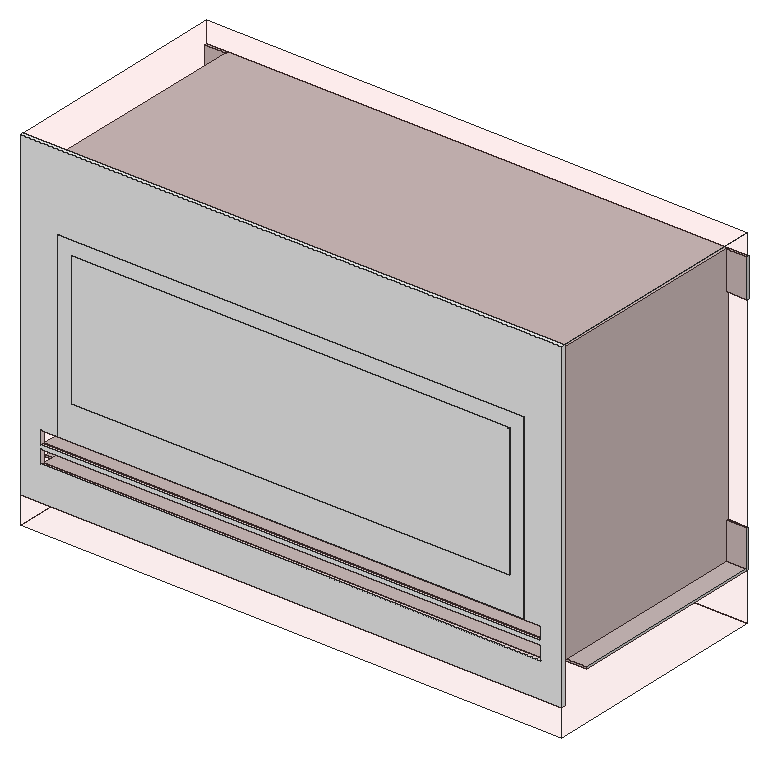
Revit family "Air-Curtain_Customer-Entry_PoweredAire_CLD-CHD", category Mechanical Equipment, host Face, Revit 2020
Family settings
  Host = Face
  Round Connector Dimension = Use Diameter
  Part Type = Normal
  OmniClass Number = 23.75.35.17.21
  OmniClass Title = Air Curtains
  Cut with Voids When Loaded = No
  Shared = No
  Room Calculation Point = No
Parameters
  Warranty Duration (Years) = 0
  Unit Width Notes = "Other Widths available."  # constant formula
  Unit Width = 3' - 3"
  Unit Weight = 0
  Unit Height = 1' - 4 3/4"
  Unit Depth = 1' - 11 1/4"
  URL = "http://www.poweredaire.com/"
  Test Data = ""
  Temperature Rise_Range = "as Specified"
  Standards Conformance = "as Specified"
  Specification = "http://www.arcat.com/sdspecs/htm04/23_34_33pai.htm"
  SpecWizard = ""
  Sound Pressure = "as Specified"
  Sales Information = "http://www.poweredaire.com/contact_us"
  Revision = "R1_2016-08"
  Projection from Host [instance] = 0' - 2"
  Product Properties = ""
  Product Data = "http://www.arcat.com/arcatcos/cos47/arc47623.html"
  Power Rating = 0 W
  Outlet Volume_Range = "as Specified"
  Outlet Velocity_Range = "as Specified"
  Nozzle Width = if(1 = 1, Unit Width - 0' 3", 0' 0")  # 3' - 0"
  Mounting Width = if(1 = 1, Unit Width - 0' 1 1/2", 0' 0")  # 3' - 1 1/2"
  Mounting Height [instance] = 3' - 6"
  Motor RPM = 0
  Motor HP = 0
  Motor Count = 0
  Model = "As Specified"
  Max Height = 0' - 0"
  Manufacturer Website = "http://www.poweredaire.com/"
  Manufacturer Phone - Toll Free = "888-321-2473"
  Manufacturer Phone = "724-588-3305"
  Manufacturer Fax = "724-588-3371"
  Manufacturer Address = "109 Mortensen Rd.  Greenville, PA 16125"
  Manufacturer = "Powered Aire, Inc"
  Maintenance Schedule (Months) = 0
  Keynote = "23 34 33"
  Installation-Fabrication = ""
  Installation Phase = ""
  Include Clearance [instance] = yes
  Heating Element Load = 0 W
  HVAC_Temperature Rise [instance] = 0 °F
  HVAC_Outlet Volume [instance] = 0 CFM
  HVAC_Outlet Velocity Uniformity = 0
  HVAC_Outlet Velocity [instance] = 0 FPM
  Green Building-LEED = "http://www.arcat.com/green/clients/leed_data_47623.html"
  Front Grating Material [instance] = Metal - Steel - PoweredAire - White Perforated
  Frame Finish [instance] = Metal - Steel - PoweredAire - Stainless 304
  Expected Lifespan (Years) = 0
  Electrical_Wattage [instance] = Power Rating + Heating Element Load  # 0 W
  Electrical_Voltage [instance] = 0 V
  Electrical_Phase [instance] = 1
  Electrical_Frequency [instance] = 0 Hz
  Electrical_Amperage [instance] = 0 A
  Drawn By = "Sumex Design, Inc. / Robert S. Weygant, CSI, CDT, SCIP"
  Description = "Powered Aire Air Curtain as Specified"
  Default Elevation = 0' - 0"  # constant formula
  Cover Finish [instance] = Metal - Steel - PoweredAire - White
  Copyright = "©Arcat Inc."
  Construction Details = "http://www.arcat.com/details/powair/prod3336.html"
  Clearance_Top [instance] = 0' - 0"
  Clearance_Side B [instance] = 0' - 0"
  Clearance_Side A [instance] = 0' - 0"
  Clearance_Intake [instance] = 0' - 0"
  Clearance_Front [instance] = 0' - 0"
  Clearance Material [instance] = ARCAT Clearance
  Building Codes = ""
  Available Options [instance] = "as Specified"
  Assembly Code = "D3090400"
Reference planes (in)
  plane 1 "Center (Elevation)": y = 8.51318
  plane 2: z = 0
  plane 3 "Center (Left/Right)": x = 0
  plane 4: y = 16.88818
  plane 5: y = 0.13818
  plane 6: x = -19.5
  plane 7: x = 19.5
  plane 8: z = 25.25
  plane 9 "FF": y = -41.86182
  plane 10: z = 2
  plane 11: x = 18
  plane 12: x = -18
  plane 13: y = 16.88818
  plane 14: y = 0.13818
  plane 15: x = -19.5
  plane 16: x = 19.5
  plane 17: z = 25.25
  plane 18: y = 0.38818
Forms (in)
  Extrusion 1, solid, material "ARCAT Clearance" <- "Clearance Material", visible <- "Include Clearance"
    sketch origin (0, 0, 0) x (0, 1, 0) y (0, 0, 1)
      loop
        line (0.13818, 25.25) -> (0.13818, 0) -> (16.88818, 0) -> (16.88818, 25.25) -> (0.13818, 25.25)
    from -19.5 to 19.5
  Extrusion 2, solid, material "Metal - Steel - PoweredAire - White" <- "Cover Finish"
    sketch origin (0, 8.51318, 0) x (1, 0, 0) y (0, 0, 1)
      loop
        line (-19.5, 25.25) -> (-19.5, 2) -> (19.5, 2) -> (19.5, 25.25) -> (-19.5, 25.25)
    from 8.125 to 8.375
  Extrusion 3, solid, material "Metal - Steel - PoweredAire - Stainless 304" <- "Frame Finish"
    sketch origin (0, 8.51318, 0) x (1, 0, 0) y (0, 0, 1)
      loop
        line (18, 23.75) -> (-18, 23.75) -> (-18, 3.5) -> (18, 3.5) -> (18, 23.75)
    from -8.375 to 8.125
  Extrusion 4, void
    sketch origin (0, 0, 0) x (0, 1, 0) y (0, 0, 1)
      loop
        line (0.13818, 5.5) -> (0.13818, 4.5) -> (1.88818, 4.5) -> (1.88818, 6.75) -> (0.13818, 6.75) -> (0.13818, 5.75) -> (1.63818, 5.75) -> (1.63818, 5.5) -> (0.13818, 5.5)
    from -18 to 18
  Extrusion 5, solid, material "Metal - Steel - PoweredAire - White" <- "Cover Finish"
    sketch origin (-11.83813, 0.13818, 48) x (-1, 0, 0) y (0, 0, 1)
      loop
        line (4.91187, -41.25) -> (4.91187, -28.25) -> (-28.58813, -28.25) -> (-28.58813, -41.25) -> (4.91187, -41.25)
    from 0 to -0.03125
  Extrusion 6, solid, material "Metal - Steel - PoweredAire - White Perforated" <- "Front Grating Material"
    sketch origin (-11.83813, 0.10693, 48) x (1, 0, 0) y (0, 0, 1)
      loop
        line (-3.91187, -29.25) -> (-3.91187, -38.75) -> (27.58813, -38.75) -> (27.58813, -29.25) -> (-3.91187, -29.25)
    from 0 to 0.03125
  Extrusion 7, solid, material "Metal - Steel - PoweredAire - Stainless 304" <- "Frame Finish"
    sketch origin (-15.17702, -180, 2) x (-1, 0, 0) y (0, -1, 0)
      loop
        line (-33.17702, -196.88818) -> (-33.17702, -182.38818) -> (-34.67702, -182.38818) -> (-34.67702, -196.88818) -> (-33.17702, -196.88818)
      loop
        line (2.82298, -196.88818) -> (4.32298, -196.88818) -> (4.32298, -182.38818) -> (2.82298, -182.38818) -> (2.82298, -196.88818)
    from 1.5 to 1.625
  Extrusion 8, solid, material "Metal - Steel - PoweredAire - Stainless 304" <- "Frame Finish"
    sketch origin (-11.83813, 16.88818, 48) x (-1, 0, 0) y (0, 0, 1)
      loop
        line (7.66187, -44.5) -> (7.66187, -41.75) -> (6.16187, -41.75) -> (6.16187, -44.5) -> (7.66187, -44.5)
      loop
        line (-31.33813, -44.5) -> (-29.83813, -44.5) -> (-29.83813, -41.75) -> (-31.33813, -41.75) -> (-31.33813, -44.5)
      loop
        line (7.66187, -27) -> (7.66187, -24.25) -> (6.16187, -24.25) -> (6.16187, -27) -> (7.66187, -27)
      loop
        line (-31.33813, -27) -> (-29.83813, -27) -> (-29.83813, -24.25) -> (-31.33813, -24.25) -> (-31.33813, -27)
    from 0 to -0.125
Cuts and joins
  Extrusion 4 cuts Extrusion 2
  Extrusion 4 cuts Extrusion 3
Dimensions and locks (in)
  equal spacing: plane 4, plane 1 "Center (Elevation)", plane 5
  "Unit Height": plane 4 to plane 5
  equal spacing: plane 6, plane 3 "Center (Left/Right)", plane 7
  "Unit Width": plane 6 to plane 7
  "Mounting Height": plane 5 to plane 9 "FF"
  "Projection from Host": plane 10 to level
  "Unit Depth": plane 8 to plane 10
  locked: plane 6 to plane 12 at 1.5
  locked: plane 11 to plane 7 at 1.5
  "Clearance_Side A": plane 7 to plane 16
  "Clearance_Side B": plane 15 to plane 6
  "Clearance_Top": plane 13 to plane 4
  "Clearance_Intake": plane 5 to plane 14
  "Clearance_Front": plane 17 to plane 8
  locked: plane 8 to Extrusion 3 sketch curve at 1.5
  locked: Extrusion 3 sketch curve to plane 10 at 1.5
  locked: plane 7 to Extrusion 3 sketch curve at 1.5
  locked: Extrusion 3 sketch curve to plane 6 at 1.5
  locked: plane 18 to plane 5 at 0.25
  Extrusion 4 sketch curve to Extrusion 4 sketch curve to Extrusion 4 sketch curve to Extrusion 4 sketch curve to plane 10 = 0' - 1" locked, 0' - 0 1/4" locked, 0' - 1" locked, 0' - 2 1/2" locked
  Extrusion 5 sketch curve to Extrusion 5 sketch curve to plane 10 = 1' - 1" locked, 0' - 4 3/4" locked
  locked: plane 11 to Extrusion 5 sketch curve at 1.25
  locked: Extrusion 5 sketch curve to plane 12 at 1.25
  Extrusion 6 sketch curve to Extrusion 6 sketch curve to plane 10 = 0' - 9 1/2" locked, 0' - 7 1/4" locked
  locked: Extrusion 6 sketch curve to plane 12 at 2.25
  locked: plane 11 to Extrusion 6 sketch curve at 2.25
  locked: plane 4 to Extrusion 7 sketch curve at 14.5  (x2)
  Extrusion 8 sketch curve to Extrusion 8 sketch curve to Extrusion 8 sketch curve to Extrusion 8 sketch curve to plane 10 = 0' - 2 3/4" locked, 1' - 2 3/4" locked, 0' - 2 3/4" locked, 0' - 1 1/2" locked  (x2)
  aligned and locked: plane 2 to host face
  aligned and locked: level to host face
  aligned and locked: Extrusion 1 sketch curve to plane 17
  aligned and locked: plane 14 to Extrusion 1 sketch curve
  aligned and locked: level to Extrusion 1 sketch curve
  aligned and locked: Extrusion 1 sketch curve to plane 13
  aligned and locked: plane 16 to Extrusion 1
  aligned and locked: Extrusion 1 to plane 15
  aligned and locked: Extrusion 2 sketch curve to plane 8
  aligned and locked: plane 6 to Extrusion 2 sketch curve
  aligned and locked: Extrusion 2 sketch curve to plane 10
  aligned and locked: Extrusion 2 sketch curve to plane 7
  aligned and locked: Extrusion 3 to plane 4
  aligned and locked: Extrusion 3 to plane 18
  aligned and locked: Extrusion 2 to plane 18
  aligned and locked: Extrusion 2 to plane 5
  aligned and locked: plane 11 to Extrusion 4
  aligned and locked: Extrusion 4 to plane 12
  aligned and locked: Extrusion 7 sketch curve to plane 4  (x2)
Automatic sketch dimensions
  host sketch curve to host sketch curve = 8' - 0"  (x2)
  Extrusion 4 sketch curve to plane 5 = 0' - 0"  (x2)
  plane 18 to Extrusion 4 sketch curve = 0' - 1 1/4"
  Extrusion 4 sketch curve to Extrusion 4 sketch curve = 0' - 0 1/4"
  Extrusion 7 sketch curve to plane 7 = 0' - 0"
  Extrusion 7 sketch curve to plane 11 = 0' - 0"
  Extrusion 7 sketch curve to plane 12 = 0' - 0"
  Extrusion 7 sketch curve to plane 6 = 0' - 0"
  Extrusion 8 sketch curve to plane 7 = 0' - 0"  (x2)
  Extrusion 8 sketch curve to plane 11 = 0' - 0"  (x2)
  Extrusion 8 sketch curve to plane 12 = 0' - 0"  (x2)
  Extrusion 8 sketch curve to plane 6 = 0' - 0"  (x2)
Connectors (in)
  electrical at (-18, 4.88818, 9.625), driven by "Electrical_Voltage", driven by "Electrical_Phase"
    settings: on cut or joined group of Extrusion 3, Extrusion 4, index 1, voltage 0 V, apparent load 0 VA, apparent load phase1 0 VA, apparent load phase2 0 VA, apparent load phase3 0 VA, power factor 1, load classification "Other", number of poles 1, system type 31, power factor state 1, is connector primary yes, connector utility no, sub classification motor no, connector description ""
